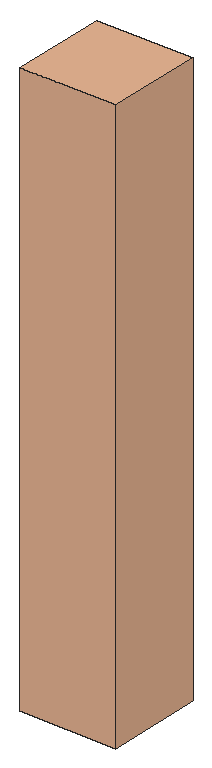
Revit family "EFPost", category Structural Columns, Revit 2021
Family settings
  Section Shape = Not Defined
  Material for Model Behavior = Other
  Always export as geometry = No
  Beam cutback in plan = From bounding box
  OmniClass Number = 23.25.30.11.14.11
  OmniClass Title = Columns
  Cut with Voids When Loaded = No
  Symbolic Representation = From Family
  Shared = No
  Show family pre-cut in plan views = Yes
Parameters
  b = 2' - 0"
  d = 2' - 0"
  ParentName = ""
  Height [instance] = 12' - 0"
Reference planes (in)
  plane 1 "Center (Front/Back)": y = 0
  plane 2: z = 0
  plane 3 "Center (Left/Right)": x = 0
  plane 4 "Left": x = -12
  plane 5 "Right": x = 12
  plane 6 "Back": y = 12
  plane 7 "Front": y = -12
Forms (in)
  Extrusion 1, solid, material "Wood"
    sketch origin (0, 0, 0) x (1, 0, 0) y (0, 1, 0)
      loop
        line (12, -12) -> (12, 12) -> (-12, 12) -> (-12, -12) -> (12, -12)
    from 0 to 144
Dimensions and locks (in)
  equal spacing: plane 4 "Left", plane 3 "Center (Left/Right)", plane 5 "Right"
  equal spacing: plane 7 "Front", plane 1 "Center (Front/Back)", plane 6 "Back"
  "d": plane 7 "Front" to plane 6 "Back"
  "b": plane 4 "Left" to plane 5 "Right"
  "Height": Extrusion 1 to Extrusion 1
  aligned and locked: level to plane 2
Automatic sketch dimensions
  Extrusion 1 sketch curve to plane 6 "Back" = 0' - 0"
  Extrusion 1 sketch curve to plane 5 "Right" = 0' - 0"
  plane 7 "Front" to Extrusion 1 sketch curve = 0' - 0"
  plane 4 "Left" to Extrusion 1 sketch curve = 0' - 0"
